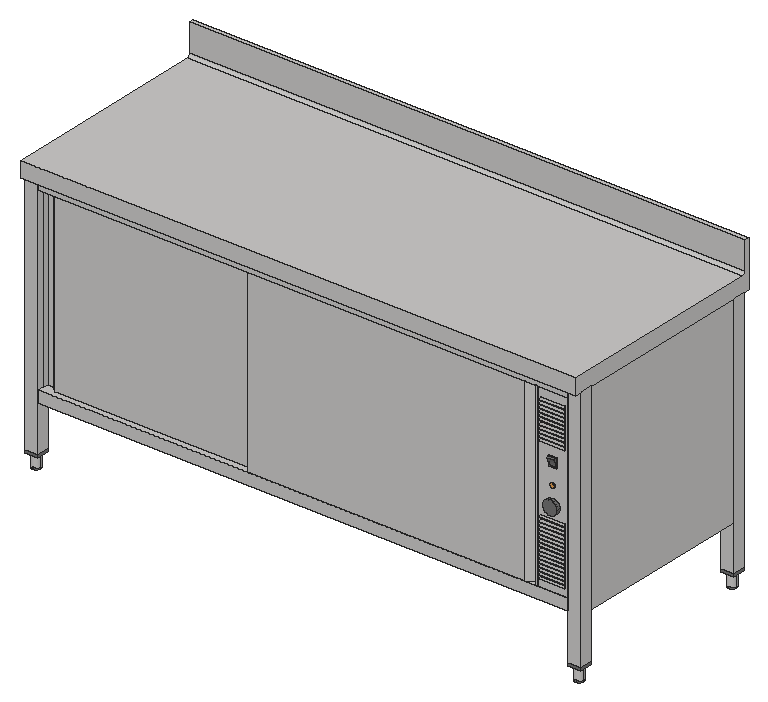
Revit family "QF_ELECTROLUXPROFESSIONAL_134053_GTC1810E", category Attrezzature speciali, Revit 2020
Family settings
  Quota connettore circolare = Usa diametro
  Tipo di parte = Normale
  Basato su piano di lavoro = No
  Sempre verticale = Sì
  Taglio con vuoti quando caricato = No
  Condiviso = No
  Punto di calcolo locali = No
Parameters (values of type "Standard")
  Weight = 101.00 kg
  Watts = 2530 W
  Volts = 220 V
  URL Manufacturer = "https://www.electroluxprofessional.com/"
  URL = "https://www.electroluxprofessional.com/"
  Steam Supply Size = 0 mm
  Steam Supply Minimum Pressure = 0.0 Pa
  Steam Supply Maximum Pressure = 0.0 Pa
  Steam Consumption per Hour = 0
  Refrigeration Suction Line Size = 0.0 mm
  Refrigeration Liquid Line Size = 0.0 mm
  Refrigerant Compressor Remote = yes
  Prospetto di default = 0.0 mm
  Produttore = "Electrolux Professional"
  Phase = 1
  Modello = "GTC1810E"
  Length Actual = 1800.0 mm  # constant formula
  Item Number = "134053"
  Hot Water Size = 0 mm
  Height Actual = 1000.0 mm  # constant formula
  HP = "3.4 HP"
  Gas Size = 0 mm
  Gas KW = 0
  Gas Input Pressure = 0 W
  Direct Waste Size = 0 mm
  Descrizione = "HOT CUPBOARD WITH UPSTAND 1800 MM"
  Depth Actual = 700.0 mm  # constant formula
  Cycle = 50 Hz
  Condensate Return Size = 0 mm
  Compressed Air Volume = 0.0 L/s
  Compressed Air Size = 0 mm
  Compressed Air Pressure = 0.0 Pa
  Cold Water Size = 0 mm
  Accessory = yes
Reference planes
  plane 1 "Center (Front/Back)": y = 0
  plane 2: z = 0
  plane 3 "Center (Left/Right)": x = -400
  plane 4 "LEFT": x = -1300
  plane 5 "RIGHT": x = 500
  plane 6 "BACK": y = 350
  plane 7 "FRONT": y = -350
  plane 8 "Base": z = 850
  plane 9 "TOP": z = 900
  plane 10: x = -1280
  plane 11: x = 480
  plane 12: y = 310
  plane 13: y = -310
  plane 14 "BodyLeft": x = -1300
  plane 15 "BodyFront": y = -330
  plane 16 "BodyRight": x = 500
  plane 17 "BodyBack": y = 330
  plane 18 "FEET": z = 200
  plane 19: x = -320
  plane 20: x = -580
  plane 21 "AxeSlideDoor": x = -450
  plane 22: x = 360
  plane 23: x = 410
  plane 24: y = -160
Forms (mm)
  Extrusion 1, solid, material "QF_Finishes_Stainless Steel"
    sketch origin (-400, 0, 0) x (0, 1, 0) y (0, 0, 1)
      loop
        line (-350, 850) -> (350, 850) -> (350, 1000) -> (337, 1000) -> (337, 910)
        arc (337, 910) -> (334.071, 902.929) -> (327, 900) r 10
        line (327, 900) -> (-350, 900) -> (-350, 850)
    from 900 to -900
  Extrusion 2, solid, material "QF_Finishes_Stainless Steel"
    sketch origin (0, 0, 200) x (-1, 0, 0) y (0, -1, 0)
      loop
        line (1300, -290) -> (1300, 290) -> (1260, 290) -> (1260, -290) -> (1300, -290)
      loop
        line (-460, -290) -> (-460, 290) -> (-500, 290) -> (-500, -290) -> (-460, -290)
    from 0 to 650
  Extrusion 3, solid, material "QF_Finishes_Stainless Steel"
    sketch origin (0, 0, 200) x (-1, 0, 0) y (0, -1, 0)
      loop
        line (1260, -290) -> (1260, 330) -> (-460, 330) -> (-460, -290) -> (1260, -290)
    from 0 to 40
  Extrusion 4, solid, material "QF_Finishes_Stainless Steel"
    sketch origin (0, 0, 200) x (-1, 0, 0) y (0, -1, 0)
      loop
        line (1260, -290) -> (-460, -290) -> (-460, -330) -> (1260, -330) -> (1260, -290)
    from 0 to 650
  Extrusion 5, solid, material "QF_Finishes_Stainless Steel"
    sketch origin (0, 0, 200) x (-1, 0, 0) y (0, -1, 0)
      loop
        line (-360, 330) -> (-360, 310) -> (580, 310) -> (580, 330) -> (-320, 330) -> (-340, 315) -> (-355, 315) -> (-355, 330) -> (-360, 330)
    from 40 to 620
  Extrusion 6, solid, material "QF_Finishes_Stainless Steel"
    sketch origin (0, 20, 200) x (1, 0, 0) y (0, 1, 0)
      loop
        line (-1260, -330) -> (-1255, -330) -> (-1255, -315) -> (-1240, -315) -> (-1220, -330) -> (-320, -330) -> (-320, -310) -> (-1260, -310) -> (-1260, -330)
    from 40 to 620
  Extrusion 7, solid, material "QF_Finishes_Stainless Steel"
    sketch origin (0, 0, 200) x (-1, 0, 0) y (0, -1, 0)
      loop
        line (1260, 290) -> (-460, 290) -> (-460, -290) -> (1260, -290) -> (1260, 290)
    from 350 to 390
  Extrusion 8, solid, material "QF_Finishes_Stainless Steel"
    sketch origin (0, 0, 200) x (-1, 0, 0) y (0, -1, 0)
      loop
        line (1260, 330) -> (-460, 330) -> (-460, -310) -> (1260, -310) -> (1260, 330)
    from 620 to 650
  Extrusion 9, solid, material "QF_Finishes_Stainless Steel"
    sketch origin (0, 0, 200) x (-1, 0, 0) y (0, -1, 0)
      loop
        circle (-410, 160) r 10
    from 0 to -5
Lines and regions (mm)
  symbolic lines
    curve 1: line (500, 350, 900) -> (-1300, 350, 900)
    curve 2: line (-1300, 350, 900) -> (-1300, -350, 900)
    curve 3: line (-1300, -350, 900) -> (500, -350, 900)
    curve 4: line (500, -350, 900) -> (500, 350, 900)
  symbolic lines, style "SpecialityEquipmentHiddenLines"
    curve 5: line (-1300, 330, 200) -> (500, 330, 200)
    curve 6: line (-1300, -330, 200) -> (-1300, 330, 200)
    curve 7: line (500, -330, 200) -> (-1300, -330, 200)
    curve 8: line (500, 330, 200) -> (500, -330, 200)
    curve 9: line (-1260, -290, 200) -> (-320, -290, 200)
    curve 10: line (-320, -290, 200) -> (-320, -310, 200)
    curve 11: line (-1260, -310, 200) -> (360, -310, 200)
    curve 12: line (360, -310, 200) -> (360, -330, 200)
    curve 13: line (-580, -310, 200) -> (-580, -330, 200)
    curve 14: line (-1260, -290, 200) -> (-1260, -310, 200)
  symbolic lines, style "SpecialityEquipment"
    curve 15: line (-1300, 337, 200) -> (500, 337, 200)
Dimensions and locks
  plane 4 "LEFT" to plane 5 "RIGHT" = 1800.0 mm
  equal spacing: plane 4 "LEFT", plane 3 "Center (Left/Right)", plane 5 "RIGHT"
  locked: plane 8 "Base" to level at 850
  plane 9 "TOP" to level = 900.0 mm
  plane 6 "BACK" to plane 7 "FRONT" = 700.0 mm
  equal spacing: plane 6 "BACK", plane 1 "Center (Front/Back)", plane 7 "FRONT"
  locked: plane 4 "LEFT" to plane 14 "BodyLeft"
  locked: plane 16 "BodyRight" to plane 5 "RIGHT"
  locked: plane 15 "BodyFront" to plane 7 "FRONT" at 20
  locked: plane 6 "BACK" to plane 17 "BodyBack" at 20
  locked: plane 14 "BodyLeft" to plane 10 at 20
  locked: plane 11 to plane 16 "BodyRight" at 20
  locked: plane 13 to plane 15 "BodyFront" at 20
  locked: plane 17 "BodyBack" to plane 12 at 20
  plane 10 to plane 11 = 1760.0 mm
  plane 12 to plane 13 = 620.0 mm
  locked: plane 14 "BodyLeft" to Extrusion 2 sketch curve at 40
  Extrusion 2 sketch curve to Extrusion 2 sketch curve = 40.0 mm
  locked: plane 18 "FEET" to plane 2 at 200
  plane 22 to plane 5 "RIGHT" = 140.0 mm
  equal spacing: Extrusion 2, plane 21 "AxeSlideDoor", plane 22
  locked: plane 20 to plane 21 "AxeSlideDoor" at 130
  locked: plane 21 "AxeSlideDoor" to plane 19 at 130
  plane 24 to plane 7 "FRONT" = 190.0 mm
  plane 23 to plane 16 "BodyRight" = 90.0 mm
  locked: Extrusion 1 to level at 1000
  aligned and locked: level to plane 2
  aligned and locked: plane 10 to nested 1
  aligned and locked: nested 1 to plane 13
  aligned and locked: plane 11 to nested 2
  aligned and locked: nested 2 to plane 13
  aligned and locked: plane 11 to nested 4
  aligned and locked: nested 4 to plane 12
  aligned and locked: plane 10 to nested 3
  aligned and locked: nested 3 to plane 12
  aligned and locked: Extrusion 1 to plane 4 "LEFT"
  aligned and locked: plane 5 "RIGHT" to Extrusion 1
  aligned and locked: curve 2 to plane 4 "LEFT"
  aligned and locked: Extrusion 2 sketch curve to plane 14 "BodyLeft"
  aligned and locked: plane 16 "BodyRight" to Extrusion 2 sketch curve
  aligned and locked: plane 8 "Base" to Extrusion 2
  aligned and locked: Extrusion 5 to Extrusion 3
  aligned and locked: Extrusion 6 sketch curve to plane 19
  aligned and locked: Extrusion 5 sketch curve to plane 20
  aligned and locked: Extrusion 1 to plane 8 "Base"
  aligned and locked: plane 9 "TOP" to Extrusion 1
  aligned and locked: curve 5 to plane 17 "BodyBack"
  aligned and locked: plane 14 "BodyLeft" to curve 6
  aligned and locked: plane 15 "BodyFront" to curve 7
  aligned and locked: plane 16 "BodyRight" to curve 8
  aligned and locked: Extrusion 3 sketch curve to Extrusion 2  (x2)
  aligned and locked: Extrusion 2 to Extrusion 4 sketch curve  (x2)
  aligned and locked: curve 7 to Extrusion 3 sketch curve
  aligned and locked: Extrusion 3 sketch curve to Extrusion 4
  aligned and locked: Extrusion 4 to plane 18 "FEET"
  aligned and locked: plane 22 to Extrusion 5 sketch curve
  aligned and locked: nested 5 to Extrusion 2
  aligned and locked: nested 5 to Extrusion 3
  aligned and locked: Extrusion 8 sketch curve to plane 15 "BodyFront"
  aligned and locked: plane 12 to Extrusion 8 sketch curve
  aligned and locked: curve 12 to plane 22
Automatic sketch dimensions
  curve 3 to plane 5 "RIGHT" = 0.0 mm
  curve 3 to plane 7 "FRONT" = 0.0 mm
  curve 2 to plane 6 "BACK" = 0.0 mm
  Extrusion 2 sketch curve to plane 12 = 20.0 mm  (x2)
  plane 13 to Extrusion 2 sketch curve = 20.0 mm  (x2)
  Extrusion 4 sketch curve to plane 17 "BodyBack" = 0.0 mm
  Extrusion 4 sketch curve to plane 12 = 20.0 mm
  Extrusion 5 sketch curve to plane 15 "BodyFront" = 0.0 mm  (x2)
  Extrusion 5 sketch curve to plane 13 = 0.0 mm
  Extrusion 5 sketch curve to plane 22 = 5.0 mm
  Extrusion 5 sketch curve to plane 13 = 5.0 mm
  Extrusion 5 sketch curve to Extrusion 5 sketch curve = 15.0 mm
  Extrusion 5 sketch curve to Extrusion 5 sketch curve = 20.0 mm
  Extrusion 6 sketch curve to plane 13 = 0.0 mm  (x2)
  Extrusion 6 sketch curve to plane 10 = 60.0 mm
  Extrusion 6 sketch curve to plane 13 = 15.0 mm
  Extrusion 6 sketch curve to Extrusion 6 sketch curve = 20.0 mm  (x2)
  Extrusion 6 sketch curve to Extrusion 6 sketch curve = 15.0 mm
  Extrusion 6 sketch curve to Extrusion 6 sketch curve = 5.0 mm
  Extrusion 7 sketch curve to plane 11 = 20.0 mm
  plane 10 to Extrusion 7 sketch curve = 20.0 mm
  Extrusion 7 sketch curve to plane 12 = 20.0 mm
  plane 13 to Extrusion 7 sketch curve = 20.0 mm
  Extrusion 8 sketch curve to plane 11 = 20.0 mm
  plane 10 to Extrusion 8 sketch curve = 20.0 mm
  Extrusion 9 sketch curve to plane 23 = 0.0 mm
  Extrusion 9 sketch curve to plane 24 = 0.0 mm
  Extrusion 1 sketch curve to plane 7 "FRONT" = 0.0 mm
  Extrusion 1 sketch curve to plane 9 "TOP" = 0.0 mm
  plane 9 "TOP" to Extrusion 1 sketch curve = 10.0 mm
  Extrusion 1 sketch curve to plane 6 "BACK" = 0.0 mm
  Extrusion 1 sketch curve to plane 8 "Base" = 0.0 mm
  Extrusion 1 sketch curve to plane 17 "BodyBack" = 3.0 mm
  plane 17 "BodyBack" to Extrusion 1 sketch curve = 7.0 mm
  Extrusion 1 sketch curve to Extrusion 1 sketch curve = 90.0 mm
  curve 15 to plane 5 "RIGHT" = 0.0 mm
  curve 11 to plane 13 = 0.0 mm
  curve 10 to plane 19 = 0.0 mm
  curve 13 to plane 20 = 0.0 mm
  curve 15 to plane 4 "LEFT" = 0.0 mm
  plane 10 to curve 14 = 20.0 mm
  plane 13 to curve 10 = 20.0 mm
  curve 15 to curve 5 = 7.0 mm
  radius of Extrusion 9 sketch curve = 10.0 mm
Nested families
  nested 1: "FEET_40x40_APP50" at (-1280, -310, 0), type "FEET_40x40_APP50"
  nested 2: "FEET_40x40_APP50" at (480, -310, 0), type "FEET_40x40_APP50"
  nested 3: "FEET_40x40_APP50" at (-1280, 310, 0), type "FEET_40x40_APP50"
  nested 4: "FEET_40x40_APP50" at (480, 310, 0), type "FEET_40x40_APP50"
  nested 5: "WT_PNL100x580" at (546.92, -290, 605) x (1, 0, 0) z (0, -1, 0), type "WT_PNL100x580"
    with Show Logo yes
Connectors
  electrical at (410, -160, 195)
    settings: on Extrusion 9, index 1, voltage 0 V, apparent load 0 VA, apparent load phase1 0 VA, apparent load phase2 0 VA, apparent load phase3 0 VA, power factor 1, load classification "Other", number of poles 1, system type 30, power factor state 1, is connector primary yes, connector utility no, sub classification motor no, connector description "Electrical connection"
Definition of nested family "FEET_40x40_APP50"
  Parameters
    Default Elevation = 0.0 mm
    FEET = 850.0 mm
  Reference planes
    plane 1 "Center (Front/Back)": y = 0
    plane 2: z = 0
    plane 3 "Center (Left/Right)": x = 0
    plane 4: z = 850
  Forms (mm)
    Extrusion 1, solid
      sketch origin (0, 0, 0) x (1, 0, 0) y (0, 1, 0)
        loop
          line (-20, -20) -> (20, -20) -> (20, 20) -> (-20, 20) -> (-20, -20)
      from 50 to 850
    Extrusion 2, solid
      sketch origin (0, 0, 0) x (1, 0, 0) y (0, 1, 0)
        loop
          circle (0, 0) r 15
      from 0 to 5
    Extrusion 3, solid
      sketch origin (0, 0, 0) x (1, 0, 0) y (0, 1, 0)
        loop
          line (-20, -20) -> (20, -20) -> (20, 20) -> (-20, 20) -> (-20, -20)
      from 50 to 42
    Extrusion 4, solid
      sketch origin (0, 0, 0) x (1, 0, 0) y (0, 1, 0)
        loop
          circle (0, 0) r 15
      from 5 to 42
  Lines and regions (mm)
    symbolic lines
      curve 1: line (0, -1.503, 0) -> (0, 1.508, 0)
      curve 2: line (1.561, 0, 0) -> (-1.439, 0, 0)
  Dimensions and locks
    "FEET": plane 4 to plane 2
    aligned and locked: level to plane 2
  Automatic sketch dimensions
    plane 1 "Center (Front/Back)" to curve 2 = 0.0 mm
    curve 1 to plane 3 "Center (Left/Right)" = 0.0 mm
    curve 2 to plane 3 "Center (Left/Right)" = 1.439 mm
    plane 3 "Center (Left/Right)" to curve 2 = 1.561 mm
    plane 1 "Center (Front/Back)" to curve 1 = 1.503 mm
    curve 1 to plane 1 "Center (Front/Back)" = 1.508 mm
    Extrusion 1 sketch curve to plane 3 "Center (Left/Right)" = 20.0 mm
    plane 3 "Center (Left/Right)" to Extrusion 1 sketch curve = 20.0 mm
    plane 1 "Center (Front/Back)" to Extrusion 1 sketch curve = 20.0 mm
    Extrusion 1 sketch curve to plane 1 "Center (Front/Back)" = 20.0 mm
    plane 1 "Center (Front/Back)" to Extrusion 2 sketch curve = 0.0 mm
    Extrusion 2 sketch curve to plane 3 "Center (Left/Right)" = 0.0 mm
    Extrusion 3 sketch curve to plane 3 "Center (Left/Right)" = 20.0 mm
    plane 3 "Center (Left/Right)" to Extrusion 3 sketch curve = 20.0 mm
    plane 1 "Center (Front/Back)" to Extrusion 3 sketch curve = 20.0 mm
    Extrusion 3 sketch curve to plane 1 "Center (Front/Back)" = 20.0 mm
    plane 1 "Center (Front/Back)" to Extrusion 4 sketch curve = 0.0 mm
    Extrusion 4 sketch curve to plane 3 "Center (Left/Right)" = 0.0 mm
    radius of Extrusion 2 sketch curve = 15.0 mm
    radius of Extrusion 4 sketch curve = 15.0 mm
Definition of nested family "WT_PNL100x580"
  Parameters
    Show Logo [instance] = yes
    Default Elevation = 1219.2 mm
  Reference planes
    plane 1 "Center (Front/Back)": y = -75
    plane 2: z = 0
    plane 3 "Center (Left/Right)": x = -136.92
    plane 4: x = -186.92
    plane 5: x = -86.92
    plane 6 "TOP": z = 40
  Forms (mm)
    Extrusion 1, solid
      sketch origin (0, 0, 0) x (1, 0, 0) y (0, 1, 0)
        loop
          line (-1219.2, 1219.2) -> (-1219.2, -1219.2) -> (1219.2, -1219.2) -> (1219.2, 1219.2) -> (-1219.2, 1219.2)
      from 0 to -304.8
    Extrusion 2, solid
      sketch origin (0, 35, 0) x (1, 0, 0) y (0, 1, 0)
        loop
          line (-186.92, 180) -> (-186.92, -400) -> (-86.92, -400) -> (-86.92, 180) -> (-186.92, 180)
      from 0 to 40
    Extrusion 3, solid
      sketch origin (0, 35, 40) x (-1, 0, 0) y (0, -1, 0)
        loop
          circle (136.92, 151.711) r 22.964
      from 0 to 11.071
    Extrusion 4, solid
      sketch origin (-136.92, 35, 0) x (0, 1, 0) y (0, 0, 1)
        loop
          line (95.896, 40) -> (104.899, 40) -> (95.896, 41.206) -> (95.896, 40)
        loop
          line (107.896, 40) -> (116.899, 40) -> (107.896, 41.206) -> (107.896, 40)
        loop
          line (119.896, 40) -> (128.899, 40) -> (119.896, 41.206) -> (119.896, 40)
        loop
          line (131.896, 40) -> (140.899, 40) -> (131.896, 41.206) -> (131.896, 40)
        loop
          line (143.896, 40) -> (152.899, 40) -> (143.896, 41.206) -> (143.896, 40)
        loop
          line (-246.104, 40) -> (-237.101, 40) -> (-246.104, 41.206) -> (-246.104, 40)
        loop
          line (-234.104, 40) -> (-225.101, 40) -> (-234.104, 41.206) -> (-234.104, 40)
        loop
          line (-222.104, 40) -> (-213.101, 40) -> (-222.104, 41.206) -> (-222.104, 40)
        loop
          line (-210.104, 40) -> (-201.101, 40) -> (-210.104, 41.206) -> (-210.104, 40)
        loop
          line (-198.104, 40) -> (-189.101, 40) -> (-198.104, 41.206) -> (-198.104, 40)
        loop
          line (-318.104, 40) -> (-309.101, 40) -> (-318.104, 41.206) -> (-318.104, 40)
        loop
          line (-306.104, 40) -> (-297.101, 40) -> (-306.104, 41.206) -> (-306.104, 40)
        loop
          line (-294.104, 40) -> (-285.101, 40) -> (-294.104, 41.206) -> (-294.104, 40)
        loop
          line (-282.104, 40) -> (-273.101, 40) -> (-282.104, 41.206) -> (-282.104, 40)
        loop
          line (-270.104, 40) -> (-261.101, 40) -> (-270.104, 41.206) -> (-270.104, 40)
        loop
          line (-258.104, 40) -> (-249.101, 40) -> (-258.104, 41.206) -> (-258.104, 40)
        loop
          line (-366.104, 40) -> (-357.101, 40) -> (-366.104, 41.206) -> (-366.104, 40)
        loop
          line (-354.104, 40) -> (-345.101, 40) -> (-354.104, 41.206) -> (-354.104, 40)
        loop
          line (-342.104, 40) -> (-333.101, 40) -> (-342.104, 41.206) -> (-342.104, 40)
        loop
          line (-330.104, 40) -> (-321.101, 40) -> (-330.104, 41.206) -> (-330.104, 40)
        loop
          line (-378.104, 40) -> (-369.101, 40) -> (-378.104, 41.206) -> (-378.104, 40)
        loop
          line (23.896, 40) -> (32.899, 40) -> (23.896, 41.206) -> (23.896, 40)
        loop
          line (35.896, 40) -> (44.899, 40) -> (35.896, 41.206) -> (35.896, 40)
        loop
          line (47.896, 40) -> (56.899, 40) -> (47.896, 41.206) -> (47.896, 40)
        loop
          line (59.896, 40) -> (68.899, 40) -> (59.896, 41.206) -> (59.896, 40)
        loop
          line (71.896, 40) -> (80.899, 40) -> (71.896, 41.206) -> (71.896, 40)
        loop
          line (83.896, 40) -> (92.899, 40) -> (83.896, 41.206) -> (83.896, 40)
      from -40 to 40
    Extrusion 5, solid
      sketch origin (0, -5, 40) x (-1, 0, 0) y (0, -1, 0)
        loop
          line (123.92, -32.89) -> (149.92, -32.89) -> (149.92, -1.89) -> (123.92, -1.89) -> (123.92, -32.89)
        loop
          line (148.92, -31.89) -> (148.92, -2.89) -> (124.92, -2.89) -> (124.92, -31.89) -> (148.92, -31.89)
      from 0 to 1.6
    Extrusion 6, solid
      sketch origin (0, 95, 40) x (-1, 0, 0) y (0, -1, 0)
        loop
          circle (136.92, 151.711) r 7
      from 0 to 1.6
    Extrusion 7, solid
      sketch origin (-136.92, 35, 0) x (0, 1, 0) y (0, 0, 1)
        loop
          line (-37.11, 38) -> (-8.11, 38) -> (-8.11, 41.206)
          arc (-8.11, 41.206) -> (-8.756, 45.488) -> (-10.639, 49.389) r 14.5
          arc (-10.639, 49.389) -> (-23.172, 43.026) -> (-37.11, 41.206) r 41.552
          line (-37.11, 41.206) -> (-37.11, 38)
      from -12 to 12
  Dimensions and locks
    equal spacing: plane 4, plane 3 "Center (Left/Right)", plane 5
    plane 6 "TOP" to level = 40.0 mm
    Extrusion 2 to Extrusion 2 = 580.0 mm
    plane 4 to plane 5 = 100.0 mm
    aligned and locked: plane 2 to Extrusion 1
    aligned and locked: level to Extrusion 1
  Automatic sketch dimensions
    Extrusion 1 sketch curve to Extrusion 1 sketch curve = 2438.4 mm  (x2)
    Extrusion 2 sketch curve to plane 4 = 0.0 mm
    Extrusion 2 sketch curve to plane 5 = 0.0 mm
    Extrusion 3 sketch curve to plane 3 "Center (Left/Right)" = 0.0 mm
    plane 1 "Center (Front/Back)" to Extrusion 3 sketch curve = 41.711 mm
    plane 3 "Center (Left/Right)" to Extrusion 5 sketch curve = 13.0 mm
    Extrusion 5 sketch curve to plane 3 "Center (Left/Right)" = 13.0 mm
    Extrusion 5 sketch curve to plane 1 "Center (Front/Back)" = 102.89 mm
    Extrusion 5 sketch curve to Extrusion 5 sketch curve = 31.0 mm
    Extrusion 6 sketch curve to plane 3 "Center (Left/Right)" = 0.0 mm
    Extrusion 6 sketch curve to plane 1 "Center (Front/Back)" = 18.289 mm
    Extrusion 4 sketch curve to plane 6 "TOP" = 0.0 mm  (x27)
    Extrusion 4 sketch curve to Extrusion 4 sketch curve = 9.003 mm  (x27)
    Extrusion 4 sketch curve to Extrusion 4 sketch curve = 2.997 mm  (x25)
    plane 6 "TOP" to Extrusion 4 sketch curve = 1.206 mm  (x27)
    Extrusion 4 sketch curve to plane 1 "Center (Front/Back)" = 133.896 mm
    Extrusion 5 sketch curve to Extrusion 5 sketch curve = 1.0 mm  (x4)
    Extrusion 7 sketch curve to plane 6 "TOP" = 2.0 mm
    Extrusion 7 sketch curve to plane 1 "Center (Front/Back)" = 72.89 mm
    Extrusion 7 sketch curve to plane 1 "Center (Front/Back)" = 74.556 mm
    plane 6 "TOP" to Extrusion 7 sketch curve = 1.206 mm  (x2)
    Extrusion 7 sketch curve to Extrusion 7 sketch curve = 14.5 mm  (x2)
    Extrusion 7 sketch curve to Extrusion 7 sketch curve = 2.529 mm
    Extrusion 2 sketch curve to plane 1 "Center (Front/Back)" = 290.0 mm
    plane 1 "Center (Front/Back)" to Extrusion 2 sketch curve = 290.0 mm
    plane 1 "Center (Front/Back)" to Extrusion 4 sketch curve = 79.101 mm
    radius of Extrusion 3 sketch curve = 22.964 mm
    radius of Extrusion 6 sketch curve = 7.0 mm
